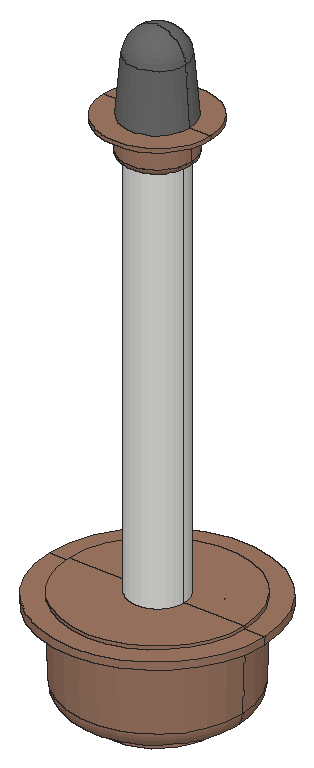
Revit family "Planting_Area_Drain-Jay R. Smith-Round_Type-1906_Series", category Plumbing Fixtures, Revit 2021
Family settings
  Round Connector Dimension = Use Diameter
  Part Type = Normal
  OmniClass Number = 23.70.50.21.24
  OmniClass Title = Waste Water Drains
  Work Plane-Based = Yes
  Always vertical = Yes
  Cut with Voids When Loaded = No
  Shared = No
  Room Calculation Point = No
Parameters (values of type "1906C06")
  Waste Connection = yes
  Vent Connection = no
  URL = "http://www.jrsmith.com"
  U - Vandal Proof Dome = no
  Standpipe Material = Stainless Steel-Jay R Smith-Perforated
  SP - Solid Standpipe = no
  R - Sump Receiver = no
  Product Page URL = "https://www.jrsmith.com/1906-roof-top-planting-area-drain"
  Product Documentation Link = "https://www.jrsmith.com/uploads/fileLibrary/d1906.pdf"
  Model = "1906C06"
  Material = "Cast Iron-Jay R Smith-Duco Coated"
  Manufacturer = "Jay R. Smith Mfg. Co. "  # constant formula
  Installation Type = "Roof Mounted"  # constant formula
  HW Connection = no
  G - All Galvanized = no
  Finish = Cast Iron-Jay R Smith-Duco Coated
  Dome Material = Metal-Jay R. Smith-Bronze
  Dome Height = 4 1/2"  # constant formula
  Diameter = 12"  # constant formula
  Description = "Roof Top Planting Area Drain"  # constant formula
  Default Elevation = 0"  # constant formula
  Creation Date = "06/20/2024"  # constant formula
  Connection Size = 6"
  Connection Radius = Connection Size / 2  # 3"
  Connection Outlet Description = "6\" Caulk Outlet Connection"
  Cast Iron Standpipe = no
  CW Connection = no
  C - Underdeck Clamp = no
  Bottom Depth = 6"
  Assembly Code = "D2040200"
Types (15): name | Model | Connection Size | Connection Radius | Connection Outlet Description | Bottom Depth
  1906Y02 | "1906Y02" | 2" | 1" | "2\" No-HUB Outlet Connection" | 6"
  1906Y03 | "1906Y03" | 3" | 1 1/2" | "3\" No-HUB Outlet Connection" | 6"
  1906Y04 | "1906Y04" | 4" | 2" | "4\" No-HUB Outlet Connection" | 6"
  1906Y05 | "1906Y05" | 5" | 2 1/2" | "5\" No-HUB Outlet Connection" | 6"
  1906Y06 | "1906Y06" | 6" | 3" | "6\" No-HUB Outlet Connection" | 6"
  1906C02 | "1906C02" | 2" | 1" | "2\" Caulk Outlet Connection" | 6"
  1906C03 | "1906C03" | 3" | 1 1/2" | "3\" Caulk Outlet Connection" | 6"
  1906C04 | "1906C04" | 4" | 2" | "4\" Caulk Outlet Connection" | 6"
  1906C05 | "1906C05" | 5" | 2 1/2" | "5\" Caulk Outlet Connection" | 6"
  1906C06 | "1906C06" | 6" | 3" | "6\" Caulk Outlet Connection" | 6"
  1906T02 | "1906T02" | 2" | 1" | "2\" Threaded Outlet Connection" | 4 3/4"
  1906T03 | "1906T03" | 3" | 1 1/2" | "3\" Threaded Outlet Connection" | 4 3/4"
  1906T04 | "1906T04" | 4" | 2" | "4\" Threaded Outlet Connection" | 4 3/4"
  1906T05 | "1906T05" | 5" | 2 1/2" | "5\" Threaded Outlet Connection" | 4 3/4"
  1906T06 | "1906T06" | 6" | 3" | "6\" Threaded Outlet Connection" | 4 3/4"
Reference planes (in)
  plane 1: z = 0
  plane 2: y = 0
  plane 3: x = 0
  plane 4: z = -6
  plane 5: x = -6
  plane 6: x = 6
  plane 7: x = -4.875
  plane 8: x = 4.875
  plane 9: x = -3
  plane 10: x = 3
  plane 11: z = 0
  plane 12: z = 24
  plane 13: z = 22
  plane 14: z = 28.5
Forms (in)
  Revolve 1, solid, material "Cast Iron-Jay R Smith-Duco Coated" <- "Finish"
    sketch origin (-0.00719, 0, -13.75143) x (1, 0, 0) y (0, 0, 1)
      loop
        arc (3.76831, 8.50143) -> (4.45667, 8.77605) -> (4.76694, 9.44909) r 1
        line (4.76694, 9.44909) -> (4.88401, 12.93292) -> (6.00719, 13.34173) -> (6.00719, 13.75143) -> (4.88219, 13.75143) -> (4.88219, 13.90768) -> (0.00719, 13.90768) -> (0.00719, 8.50143) -> (3.76831, 8.50143)
      axis (0.00719, 8.50143) -> (0.00719, 13.90768)
    angle from 0 to 360
  Revolve 2, solid, material "Cast Iron-Jay R Smith-Duco Coated" <- "Finish"
    sketch origin (-8.0697, 0, 0) x (-1, 0, 0) y (0, 0, -1)
      loop
        line (-8.0697, 6) -> (-11.0697, 6) -> (-11.0697, 0) -> (-8.0697, 0) -> (-8.0697, 6)
      axis (-8.0697, 0) -> (-8.0697, 6)
    angle from 0 to 360
  Revolve 3, solid, material "Stainless Steel-Jay R Smith-Perforated"
    sketch origin (-8.86669, 0, 0) x (1, 0, 0) y (0, 0, 1)
      loop
        line (7.61669, 0) -> (7.61669, 23.5) -> (7.36669, 23.5) -> (7.36669, 0) -> (7.61669, 0)
      axis (8.86669, 23.5) -> (8.86669, 0)
    angle from 0 to 360
  Revolve 4, solid, material "Stainless Steel-Jay R Smith-Mesh"
    sketch origin (0.04971, 0, -1.5) x (-1, 0, 0) y (0, 0, -1)
      loop
        line (3.04971, -25.5) -> (3.04971, -25.29892) -> (1.96044, -24.81394) -> (1.96044, -23.81796)
        arc (1.96044, -23.81796) -> (1.86731, -23.59313) -> (1.64248, -23.5) r 0.31796
        line (1.64248, -23.5) -> (0.04971, -23.5) -> (0.04971, -30.00135)
        arc (0.04971, -30.00135) -> (1.11578, -29.58678) -> (1.62169, -28.5609) r 1.57799
        line (1.62169, -28.5609) -> (1.88948, -25.5) -> (3.04971, -25.5)
      axis (0.04971, -30.00135) -> (0.04971, -23.5)
    angle from 0 to 360
  Revolve 5, solid, material "Metal-Jay R. Smith-Bronze"
    sketch origin (0.04971, 0, -1.5) x (-1, 0, 0) y (0, 0, -1)
      loop
        line (0.04971, -25.5) -> (0.04971, -29.75135)
        arc (0.04971, -29.75135) -> (0.94688, -29.40246) -> (1.37264, -28.53911) r 1.32799
        line (1.37264, -28.53911) -> (1.63853, -25.5) -> (0.04971, -25.5)
      axis (0.04971, -29.75135) -> (0.04971, -25.5)
    angle from 0 to 360
  Extrusion 6, void
    sketch origin (0, -0.6875, -1.5) x (1, 0, 0) y (0, 1, 0)
      loop
        line (-0.11522, 2.39664) -> (-0.11522, 1.39664) -> (0.13478, 1.39664) -> (0.13478, 2.39664) -> (-0.11522, 2.39664)
      loop
        line (1.15551, 1.94638) -> (0.44841, 1.23927) -> (0.62518, 1.0625) -> (1.33229, 1.7696) -> (1.15551, 1.94638)
      loop
        line (1.70907, 0.82235) -> (0.70907, 0.82235) -> (0.70907, 0.57235) -> (1.70907, 0.57235) -> (1.70907, 0.82235)
      loop
        line (-1.15551, 1.94638) -> (-1.33229, 1.7696) -> (-0.62518, 1.0625) -> (-0.44841, 1.23927) -> (-1.15551, 1.94638)
      loop
        line (-1.70907, 0.82235) -> (-1.70907, 0.57235) -> (-0.70907, 0.57235) -> (-0.70907, 0.82235) -> (-1.70907, 0.82235)
      loop
        line (-0.11522, -1.02164) -> (0.13478, -1.02164) -> (0.13478, -0.02164) -> (-0.11522, -0.02164) -> (-0.11522, -1.02164)
      loop
        line (1.15551, -0.57138) -> (1.33229, -0.3946) -> (0.62518, 0.3125) -> (0.44841, 0.13573) -> (1.15551, -0.57138)
      loop
        line (-1.15551, -0.57138) -> (-0.44841, 0.13573) -> (-0.62518, 0.3125) -> (-1.33229, -0.3946) -> (-1.15551, -0.57138)
    from 25.5 to 30
Cuts and joins
  Extrusion 6 cuts Revolve 5
Dimensions and locks (in)
  "Bottom Depth": level to plane 4
  "Diameter": plane 6 to plane 5
  plane 8 to plane 7 = 9 3/4"
  "Connection Radius": Revolve 2 sketch curve to Revolve 2 sketch curve
  locked: Revolve 3 sketch curve to Revolve 3 sketch curve at 0.25
  locked: plane 10 to plane 9 at 6
  plane 3 to Revolve 3 sketch curve = 1 1/2"
  equal spacing: plane 6, plane 3, plane 5
  equal spacing: plane 8, plane 3, plane 7
  locked: plane 12 to plane 11 at 24
  locked: plane 12 to plane 13 at 2
  locked: plane 14 to plane 12 at 4.5
  aligned and locked: plane 3 to Revolve 2 sketch curve  (x2)
  aligned and locked: Revolve 2 sketch curve to plane 4
  aligned and locked: level to Revolve 2 sketch curve
  aligned and locked: plane 3 to Revolve 3 sketch curve
  aligned and locked: Revolve 3 sketch curve to level
  aligned and locked: plane 3 to Revolve 1 sketch curve
  aligned and locked: Revolve 1 sketch curve to plane 3
Automatic sketch dimensions
  plane 8 to Revolve 1 sketch curve = 0"
  Revolve 1 sketch curve to level = 0"
  plane 6 to Revolve 1 sketch curve = 0"
  Revolve 1 sketch curve to plane 10 = 0.76113"
  plane 8 to Revolve 1 sketch curve = 0.11525"
  Revolve 1 sketch curve to plane 8 = 0.00183"
  Revolve 1 sketch curve to Revolve 1 sketch curve = 0.4097"
  Revolve 1 sketch curve to level = 0.8185"
  plane 4 to Revolve 1 sketch curve = 1 3/4"
  Revolve 1 sketch curve to Revolve 1 sketch curve = 0.05234"
  level to Revolve 1 sketch curve = 5/32"
  Revolve 1 sketch curve to Revolve 1 sketch curve = 0.29803"
  Revolve 1 sketch curve to plane 4 = 4.32418"
  Revolve 3 sketch curve to plane 12 = 1/2"
  plane 3 to Revolve 3 sketch curve = 1 1/4"
  level to Revolve 3 sketch curve = 5 1/2"
  Revolve 3 sketch curve to plane 13 = 3 3/4"
  plane 3 to Revolve 5 sketch curve = 0"  (x2)
  Revolve 5 sketch curve to plane 12 = 0"
  plane 3 to Revolve 5 sketch curve = 1.32293"
  plane 9 to Revolve 5 sketch curve = 1.41118"
  Revolve 5 sketch curve to plane 14 = 1.57664"
  Revolve 5 sketch curve to Revolve 5 sketch curve = 0.11574"
  plane 14 to Revolve 5 sketch curve = 4"
  Revolve 5 sketch curve to plane 13 = 2 1/2"
  plane 2 to Extrusion 6 sketch curve = 0.13485"  (x2)
  plane 9 to Extrusion 6 sketch curve = 1.29093"
  Extrusion 6 sketch curve to Extrusion 6 sketch curve = 0.37678"  (x2)
  Extrusion 6 sketch curve to Extrusion 6 sketch curve = 0.17678"  (x8)
  plane 3 to Extrusion 6 sketch curve = 0.70907"
  Extrusion 6 sketch curve to Extrusion 6 sketch curve = 0.08388"  (x3)
  plane 3 to Extrusion 6 sketch curve = 0.11522"  (x2)
  Extrusion 6 sketch curve to plane 3 = 0.13478"  (x2)
  Extrusion 6 sketch curve to Extrusion 6 sketch curve = 0.31363"  (x2)
  Extrusion 6 sketch curve to plane 2 = 3/8"  (x2)
  plane 2 to Extrusion 6 sketch curve = 3/8"
  Extrusion 6 sketch curve to plane 2 = 0.11515"  (x2)
  Extrusion 6 sketch curve to Extrusion 6 sketch curve = 0.70711"  (x2)
  Extrusion 6 sketch curve to Extrusion 6 sketch curve = 1"  (x3)
  Extrusion 6 sketch curve to Extrusion 6 sketch curve = 0.15736"  (x2)
  Extrusion 6 sketch curve to Extrusion 6 sketch curve = 0.24015"
  plane 3 to Revolve 4 sketch curve = 0"  (x2)
  Revolve 4 sketch curve to plane 13 = 0"
  Revolve 4 sketch curve to plane 12 = 0"
  plane 9 to Revolve 4 sketch curve = 0"
  plane 9 to Revolve 4 sketch curve = 1.42802"
  plane 13 to Revolve 4 sketch curve = 0.31796"
  plane 9 to Revolve 4 sketch curve = 1.40723"
  Revolve 4 sketch curve to Revolve 4 sketch curve = 0.07096"
  Revolve 4 sketch curve to plane 14 = 1.57664"
  Revolve 4 sketch curve to plane 14 = 1.4391"
  Revolve 4 sketch curve to Revolve 4 sketch curve = 0.20108"
  Revolve 4 sketch curve to plane 12 = 0.68606"
  Revolve 4 sketch curve to Revolve 4 sketch curve = 3.99865"
  Revolve 4 sketch curve to Revolve 4 sketch curve = 2 1/2"
  Revolve 2 sketch curve to plane 13 = 3 3/4"
  Revolve 2 sketch curve to plane 4 = 4.64255"
Connectors (in)
  piping at (0, 0, -6), diameter 6, driven by "Connection Size", driven by "Connection Outlet Description"
    settings: on Revolve 2, index 1, connector inside diameter 24", connector length 0", flow factor 0, pipe flow 0 GPM, pressure drop 0.00 psi, fitting loss kfactor 0, connector angle 0.00°, fixture units 0, engagement length 0", angle of deflection 0.00°, flow configuration 0, flow direction 2, fitting loss method 0, system type 16, joint type 0, gender type 0, connector reference index -1, connector utility 0, adjustable connector no, is connector primary yes, connector description "6\" Caulk Outlet Connection"
